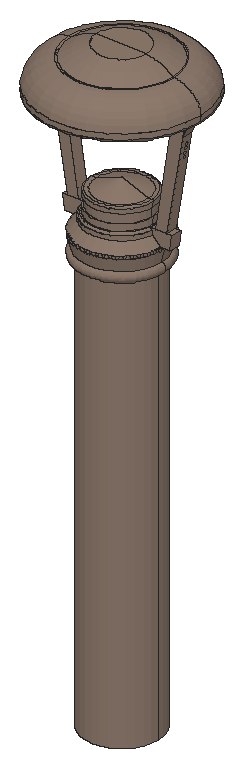
Revit family "BL7803", category Generic Models, Revit 2014
Parameters
  TOP CAP = Bronze, Architectural
  LENS = Acrylic
  DETAIL = Bronze, Architectural
  BODY = Bronze, Architectural
  ARMS = Bronze, Architectural
  ARM = Bronze, Architectural
Reference planes (in)
  plane 1 "Center (Front/Back)": y = 0
  plane 2: z = 0
  plane 3 "Center (Left/Right)": x = 0
  plane 4: y = 0.375
  plane 5: y = -0.375
Forms (in)
  Revolve 1, solid, material "Bronze, Architectural" <- "BODY"
    sketch origin (0, 0, 0) x (1, 0, 0) y (0, 0, 1)
      loop
        line (-2.70486, 28.47448) -> (-2.50025, 28.47448) -> (-2.50025, 0) -> (0, 0) -> (0, 33.31889)
        arc (0, 33.31889) -> (-0.02157, 33.31701) -> (-0.04248, 33.31145) r 0.125
        line (-0.04248, 33.31145) -> (-1.78057, 32.68332) -> (-2.02684, 32.68332)
        arc (-2.02684, 32.68332) -> (-2.09136, 32.65659) -> (-2.11809, 32.59207) r 0.09125
        line (-2.11809, 32.59207) -> (-2.11809, 32.29421) -> (-2.0272, 32.29421) -> (-2.0272, 31.66622) -> (-2.12095, 31.66622) -> (-2.12095, 31.24858) -> (-2.22937, 31.24858)
        arc (-2.22937, 31.24858) -> (-2.30314, 31.19174) -> (-2.34378, 31.10796) r 0.20311
        line (-2.34378, 31.10796) -> (-2.40153, 31.10796) -> (-2.40153, 30.82671)
        arc (-2.40153, 30.82671) -> (-2.69785, 30.53973) -> (-2.96894, 30.2288) r 4.89171
        line (-2.96894, 30.2288) -> (-2.92141, 30.2288) -> (-2.8865, 29.98688) -> (-2.93475, 29.98688)
        arc (-2.93475, 29.98688) -> (-2.84034, 29.55462) -> (-2.70486, 29.13342) r 4.60282
        arc (-2.70486, 29.13342) -> (-2.97064, 28.80395) -> (-2.70486, 28.47448) r 0.3371
      axis (0, 33.31889) -> (0, 0)
    angle from 0 to 360
  Extrusion 2, solid, material "Bronze, Architectural" <- "BODY"
    sketch origin (-22.6461, 30.96454, 36.45997) x (0, -1, 0) y (1, 0, 0)
      loop
        arc (33.9065, 22.64613) -> (33.87897, 22.7126) -> (33.8125, 22.74013) r 0.094
        arc (33.8125, 22.74013) -> (33.80643, 22.83233) -> (33.79961, 22.92447) r 11.14513
        arc (33.79961, 22.92447) -> (33.88129, 23.0304) -> (33.77433, 23.11075) r 0.094
        arc (33.77433, 23.11075) -> (33.75783, 23.20162) -> (33.73909, 23.29206) r 3.74755
        arc (33.73909, 23.29206) -> (33.80628, 23.40737) -> (33.69043, 23.47365) r 0.094
        arc (33.69043, 23.47365) -> (33.66146, 23.56134) -> (33.6303, 23.64829) r 3.68966
        arc (33.6303, 23.64829) -> (33.68229, 23.77244) -> (33.55687, 23.82129) r 0.094
        arc (33.55687, 23.82129) -> (33.51846, 23.90523) -> (33.47596, 23.98716) r 1.86754
        arc (33.47596, 23.98716) -> (33.51245, 24.11674) -> (33.38199, 24.14992) r 0.094
        arc (33.38199, 24.14992) -> (33.3327, 24.22798) -> (33.27879, 24.30293) r 1.53124
        arc (33.27879, 24.30293) -> (33.29875, 24.43657) -> (33.16452, 24.45209) r 0.094
        arc (33.16452, 24.45209) -> (33.10656, 24.52398) -> (33.04343, 24.59138) r 1.24757
        arc (33.04343, 24.59138) -> (33.04504, 24.72588) -> (32.91054, 24.72428) r 0.094
        arc (32.91054, 24.72428) -> (32.84248, 24.78668) -> (32.77218, 24.84653) r 2.50879
        arc (32.77218, 24.84653) -> (32.7554, 24.97984) -> (32.62248, 24.96019) r 0.094
        arc (32.62248, 24.96019) -> (32.54706, 25.01344) -> (32.46943, 25.06342) r 2.16065
        arc (32.46943, 25.06342) -> (32.43589, 25.1933) -> (32.30665, 25.15741) r 0.094
        arc (32.30665, 25.15741) -> (32.22504, 25.20066) -> (32.14072, 25.23833) r 1.37278
        arc (32.14072, 25.23833) -> (32.0903, 25.36368) -> (31.96668, 25.30916) r 0.094
        arc (31.96668, 25.30916) -> (31.88051, 25.34229) -> (31.79221, 25.36924) r 1.30429
        arc (31.79221, 25.36924) -> (31.72644, 25.48715) -> (31.61066, 25.41769) r 0.094
        arc (31.61066, 25.41769) -> (31.52043, 25.43715) -> (31.4299, 25.45518) r 5.82574
        arc (31.4299, 25.45518) -> (31.34919, 25.56218) -> (31.24353, 25.47972) r 0.094
        arc (31.24353, 25.47972) -> (31.15146, 25.48695) -> (31.05928, 25.4926) r 5.38285
        arc (31.05928, 25.4926) -> (31.03153, 25.55959) -> (30.96454, 25.58734) r 0.09474
        arc (30.96454, 25.58734) -> (30.89755, 25.55959) -> (30.8698, 25.4926) r 0.09474
        arc (30.8698, 25.4926) -> (30.77762, 25.48695) -> (30.68554, 25.47972) r 5.38285
        arc (30.68554, 25.47972) -> (30.57989, 25.56218) -> (30.49918, 25.45518) r 0.094
        arc (30.49918, 25.45518) -> (30.40865, 25.43715) -> (30.31842, 25.41769) r 5.82574
        arc (30.31842, 25.41769) -> (30.20264, 25.48715) -> (30.13687, 25.36924) r 0.094
        arc (30.13687, 25.36924) -> (30.04857, 25.34229) -> (29.9624, 25.30916) r 1.30429
        arc (29.9624, 25.30916) -> (29.83878, 25.36368) -> (29.78836, 25.23833) r 0.094
        arc (29.78836, 25.23833) -> (29.70403, 25.20066) -> (29.62243, 25.15741) r 1.37278
        arc (29.62243, 25.15741) -> (29.49319, 25.1933) -> (29.45965, 25.06342) r 0.094
        arc (29.45965, 25.06342) -> (29.38202, 25.01344) -> (29.3066, 24.96019) r 2.16065
        arc (29.3066, 24.96019) -> (29.17368, 24.97984) -> (29.1569, 24.84653) r 0.094
        arc (29.1569, 24.84653) -> (29.0866, 24.78668) -> (29.01854, 24.72428) r 2.50879
        arc (29.01854, 24.72428) -> (28.88404, 24.72588) -> (28.88564, 24.59138) r 0.094
        arc (28.88564, 24.59138) -> (28.82252, 24.52398) -> (28.76456, 24.45209) r 1.24757
        arc (28.76456, 24.45209) -> (28.63033, 24.43657) -> (28.65029, 24.30293) r 0.094
        arc (28.65029, 24.30293) -> (28.59638, 24.22798) -> (28.54709, 24.14992) r 1.53124
        arc (28.54709, 24.14992) -> (28.41663, 24.11674) -> (28.45312, 23.98716) r 0.094
        arc (28.45312, 23.98716) -> (28.41061, 23.90523) -> (28.37221, 23.82129) r 1.86754
        arc (28.37221, 23.82129) -> (28.24678, 23.77244) -> (28.29878, 23.64829) r 0.094
        arc (28.29878, 23.64829) -> (28.26762, 23.56134) -> (28.23865, 23.47365) r 3.68966
        arc (28.23865, 23.47365) -> (28.1228, 23.40737) -> (28.18999, 23.29206) r 0.094
        arc (28.18999, 23.29206) -> (28.17125, 23.20162) -> (28.15475, 23.11075) r 3.74755
        arc (28.15475, 23.11075) -> (28.04779, 23.0304) -> (28.12947, 22.92447) r 0.094
        arc (28.12947, 22.92447) -> (28.12264, 22.83233) -> (28.11658, 22.74013) r 11.14513
        arc (28.11658, 22.74013) -> (28.05011, 22.7126) -> (28.02258, 22.64613) r 0.094
        arc (28.02258, 22.64613) -> (28.05011, 22.57966) -> (28.11658, 22.55213) r 0.094
        arc (28.11658, 22.55213) -> (28.12264, 22.45994) -> (28.12947, 22.36779) r 11.14513
        arc (28.12947, 22.36779) -> (28.04779, 22.26186) -> (28.15475, 22.18151) r 0.094
        arc (28.15475, 22.18151) -> (28.17125, 22.09064) -> (28.18999, 22.0002) r 3.74755
        arc (28.18999, 22.0002) -> (28.1228, 21.88489) -> (28.23865, 21.81862) r 0.094
        arc (28.23865, 21.81862) -> (28.26762, 21.73092) -> (28.29878, 21.64398) r 3.68966
        arc (28.29878, 21.64398) -> (28.24678, 21.51982) -> (28.37221, 21.47098) r 0.094
        arc (28.37221, 21.47098) -> (28.41061, 21.38704) -> (28.45312, 21.3051) r 1.86754
        arc (28.45312, 21.3051) -> (28.41663, 21.17552) -> (28.54709, 21.14234) r 0.094
        arc (28.54709, 21.14234) -> (28.59638, 21.06428) -> (28.65029, 20.98933) r 1.53124
        arc (28.65029, 20.98933) -> (28.63033, 20.85569) -> (28.76456, 20.84017) r 0.094
        arc (28.76456, 20.84017) -> (28.82252, 20.76828) -> (28.88564, 20.70088) r 1.24757
        arc (28.88564, 20.70088) -> (28.88404, 20.56638) -> (29.01854, 20.56798) r 0.094
        arc (29.01854, 20.56798) -> (29.0866, 20.50558) -> (29.1569, 20.44573) r 2.50879
        arc (29.1569, 20.44573) -> (29.17368, 20.31242) -> (29.3066, 20.33207) r 0.094
        arc (29.3066, 20.33207) -> (29.38202, 20.27882) -> (29.45965, 20.22884) r 2.16065
        arc (29.45965, 20.22884) -> (29.49319, 20.09896) -> (29.62243, 20.13486) r 0.094
        arc (29.62243, 20.13486) -> (29.70403, 20.0916) -> (29.78836, 20.05393) r 1.37278
        arc (29.78836, 20.05393) -> (29.83878, 19.92858) -> (29.9624, 19.9831) r 0.094
        arc (29.9624, 19.9831) -> (30.04857, 19.94997) -> (30.13687, 19.92302) r 1.30429
        arc (30.13687, 19.92302) -> (30.20264, 19.80511) -> (30.31842, 19.87457) r 0.094
        arc (30.31842, 19.87457) -> (30.40865, 19.85511) -> (30.49918, 19.83708) r 5.82574
        arc (30.49918, 19.83708) -> (30.57989, 19.73008) -> (30.68554, 19.81255) r 0.094
        arc (30.68554, 19.81255) -> (30.77762, 19.80531) -> (30.8698, 19.79966) r 5.38285
        arc (30.8698, 19.79966) -> (30.89755, 19.73267) -> (30.96454, 19.70492) r 0.09474
        arc (30.96454, 19.70492) -> (31.03153, 19.73267) -> (31.05928, 19.79966) r 0.09474
        arc (31.05928, 19.79966) -> (31.15146, 19.80531) -> (31.24353, 19.81255) r 5.38285
        arc (31.24353, 19.81255) -> (31.34919, 19.73008) -> (31.4299, 19.83708) r 0.094
        arc (31.4299, 19.83708) -> (31.52043, 19.85511) -> (31.61066, 19.87457) r 5.82574
        arc (31.61066, 19.87457) -> (31.72644, 19.80511) -> (31.79221, 19.92302) r 0.094
        arc (31.79221, 19.92302) -> (31.88051, 19.94997) -> (31.96668, 19.9831) r 1.30429
        arc (31.96668, 19.9831) -> (32.0903, 19.92858) -> (32.14072, 20.05393) r 0.094
        arc (32.14072, 20.05393) -> (32.22504, 20.0916) -> (32.30665, 20.13486) r 1.37278
        arc (32.30665, 20.13486) -> (32.43589, 20.09896) -> (32.46943, 20.22884) r 0.094
        arc (32.46943, 20.22884) -> (32.54706, 20.27882) -> (32.62248, 20.33207) r 2.16065
        arc (32.62248, 20.33207) -> (32.7554, 20.31242) -> (32.77218, 20.44573) r 0.094
        arc (32.77218, 20.44573) -> (32.84248, 20.50558) -> (32.91054, 20.56798) r 2.50879
        arc (32.91054, 20.56798) -> (33.04504, 20.56638) -> (33.04343, 20.70088) r 0.094
        arc (33.04343, 20.70088) -> (33.10656, 20.76828) -> (33.16452, 20.84017) r 1.24757
        arc (33.16452, 20.84017) -> (33.29875, 20.85569) -> (33.27879, 20.98933) r 0.094
        arc (33.27879, 20.98933) -> (33.3327, 21.06428) -> (33.38199, 21.14234) r 1.53124
        arc (33.38199, 21.14234) -> (33.51245, 21.17552) -> (33.47596, 21.3051) r 0.094
        arc (33.47596, 21.3051) -> (33.51846, 21.38704) -> (33.55687, 21.47098) r 1.86754
        arc (33.55687, 21.47098) -> (33.68229, 21.51982) -> (33.6303, 21.64398) r 0.094
        arc (33.6303, 21.64398) -> (33.66146, 21.73092) -> (33.69043, 21.81862) r 3.68966
        arc (33.69043, 21.81862) -> (33.80628, 21.88489) -> (33.73909, 22.0002) r 0.094
        arc (33.73909, 22.0002) -> (33.75783, 22.09064) -> (33.77433, 22.18151) r 3.74755
        arc (33.77433, 22.18151) -> (33.88129, 22.26186) -> (33.79961, 22.36779) r 0.094
        arc (33.79961, 22.36779) -> (33.80643, 22.45994) -> (33.8125, 22.55213) r 11.14513
        arc (33.8125, 22.55213) -> (33.87897, 22.57966) -> (33.9065, 22.64613) r 0.094
    from -6.44965 to -6.26004
  Extrusion 3, solid, material "Bronze, Architectural" <- "ARM"
    sketch origin (0.00044, 0, -5.23337) x (1, 0, 0) y (0, 0, 1)
      loop
        arc (2.2242, 36.48192) -> (2.29764, 36.42486) -> (2.33856, 36.34134) r 0.20628
        line (2.33856, 36.34134) -> (2.39631, 36.34134) -> (2.39631, 36.06033)
        arc (2.39631, 36.06033) -> (2.67369, 35.7924) -> (2.92954, 35.50385) r 4.99008
        line (2.92954, 35.50385) -> (3.57696, 35.50385) -> (3.7242, 36.48192) -> (2.2242, 36.48192)
      loop
        line (-2.2242, 36.48192) -> (-3.7242, 36.48192) -> (-3.57696, 35.50385) -> (-2.92954, 35.50385)
        arc (-2.92954, 35.50385) -> (-2.67369, 35.7924) -> (-2.39631, 36.06033) r 4.99008
        line (-2.39631, 36.06033) -> (-2.39631, 36.34134) -> (-2.33856, 36.34134)
        arc (-2.33856, 36.34134) -> (-2.29764, 36.42486) -> (-2.2242, 36.48192) r 0.20628
    from -0.375 to 0.375
  Extrusion 4, solid, material "Bronze, Architectural" <- "ARMS"
    sketch origin (0.00044, 0, -0.00053) x (1, 0, 0) y (0, 0, 1)
      loop
        line (3.3485, 31.24857) -> (4.62065, 38.4983) -> (3.75786, 38.4983) -> (2.61484, 31.24857) -> (3.3485, 31.24857)
      loop
        line (-3.3485, 31.24857) -> (-2.61484, 31.24857) -> (-3.75786, 38.4983) -> (-4.62065, 38.4983) -> (-3.3485, 31.24857)
    from -0.375 to 0.375
  Extrusion 5, solid, material "Bronze, Architectural" <- "DETAIL"
    sketch origin (0.00044, 0, -0.00053) x (1, 0, 0) y (0, 0, 1)
      loop
        line (-4.44369, 37.48985) -> (-4.62071, 38.49865) -> (-4.94382, 38.49865) -> (-4.44369, 37.48985)
      loop
        line (4.44369, 37.48985) -> (4.94382, 38.49865) -> (4.62071, 38.49865) -> (4.44369, 37.48985)
    from -0.375 to 0.375
  Extrusion 6, solid, material "Bronze, Architectural" <- "DETAIL"
    sketch origin (5.86878, 0.00204, 1.03799) x (-0.000348, 1, 0) y (-0.161399, -0.000056, 0.986889)
      loop
        circle (0, 37.08199) r 0.07331
      loop
        circle (0, 36.78536) r 0.07255
      loop
        circle (0, 36.48873) r 0.07151
      loop
        circle (0, 36.19661) r 0.0718
    from -4.33193 to -4.24651
  Extrusion 7, solid, material "Bronze, Architectural" <- "DETAIL"
    sketch origin (-5.8679, -0.00165, 1.03799) x (0.000281, -1, 0) y (0.161399, 0.000045, 0.986889)
      loop
        circle (0, 37.08199) r 0.07331
      loop
        circle (0, 36.78536) r 0.07255
      loop
        circle (0, 36.48873) r 0.07151
      loop
        circle (0, 36.19661) r 0.0718
    from -4.33193 to -4.24297
  Revolve 8, solid, material "Bronze, Architectural" <- "TOP CAP"
    sketch origin (0.00044, 0, -0.52281) x (1, 0, 0) y (0, 0, 1)
      loop
        arc (-1.72469, 41.99709) -> (-2.61441, 41.65584) -> (-3.44421, 41.18733) r 6.45554
        line (-3.44421, 41.18733) -> (-3.58046, 41.18733)
        arc (-3.58046, 41.18733) -> (-4.77482, 40.66809) -> (-5.39076, 39.52061) r 1.98616
        line (-5.39076, 39.52061) -> (-5.39076, 39.14561)
        arc (-5.39076, 39.14561) -> (-5.35414, 39.05722) -> (-5.26576, 39.02061) r 0.125
        line (-5.26576, 39.02061) -> (0, 39.02061) -> (0, 41.99709) -> (-1.72469, 41.99709)
      axis (0, 41.99709) -> (0, 39.02061)
    angle from 0 to 360
  Revolve 9, void
    sketch origin (0.00044, 0, -0.00053) x (1, 0, 0) y (0, 0, 1)
      loop
        line (0, 38.37438) -> (0, 38.9982) -> (-2.89086, 38.9982) -> (-3.51468, 38.37438) -> (0, 38.37438)
      axis (0, 38.37438) -> (0, 38.9982)
    angle from 0 to 360
  Revolve 10, solid, material "Acrylic" <- "LENS"
    sketch origin (0.00044, 0, -0.00048) x (1, 0, 0) y (0, 0, 1)
      loop
        line (3.26542, 38.62365) -> (3.14008, 38.74899) -> (0, 38.74899) -> (0, 38.62365) -> (3.26542, 38.62365)
      axis (0, 38.74899) -> (0, 38.62365)
    angle from 0 to 360
Cuts and joins
  Revolve 9 cuts Revolve 8
Dimensions and locks (in)
  aligned and locked: plane 2 to level
